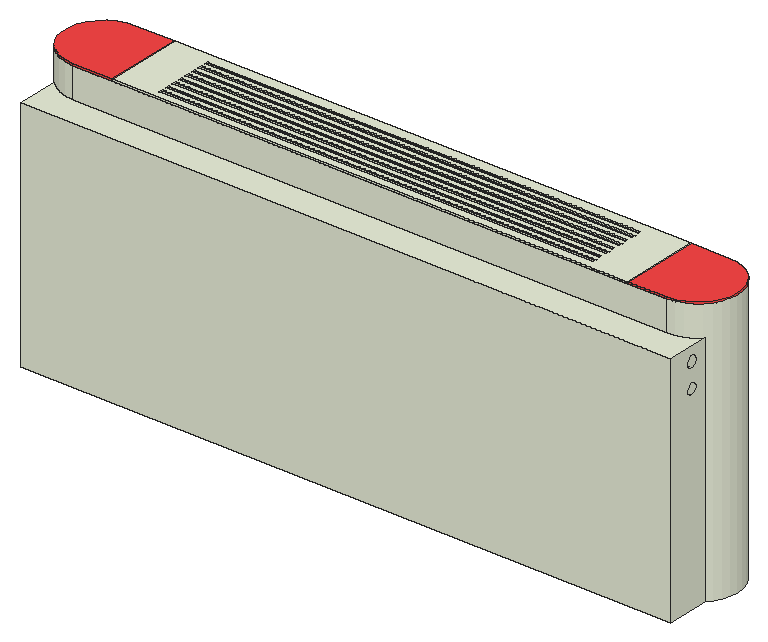
Revit family "MKH1-350(500)R3(R4)", category Mechanical Equipment, Revit 2013
Parameters (values of type "MKH1-500-R4")
  clearance access up = 1500.000 mm
  clearance access right = 150.000 mm
  clearance access left = 150.000 mm
  clearance access down = 90.000 mm
  clearance access behind = 50.000 mm
  clearance [instance] = no
  Width = 495.000 mm
  Series = "FCU"
  Rated current = 0.4 A
  Power supply = "220-240V ~50Hz/60Hz"
  Power Input(H/M/L) = "91/54/35 W"
  Panel color = "WH101"
  Net Weight = 26.30 kg
  Model = "MKH1-500-R4"
  Manufacturer = "Midea"
  Machine material = Galvanized Steel
  Liquid pipe = 19.050 mm
  Installation = "Indoor installation"
  Height = 200.000 mm
  Heating Capacity(H/M/L) = "5.70/4.36/3.22 kW"
  Drain pipe = 18.500 mm
  Description = "High efficiency water cooled"
  Depth = 1240.000 mm
  Cooling Capacity(H/M/L) = "5.35/4.25/3.31 kW"
  Condensation = "water"
  Circuit breaker = 15 A
  Air Flow(H/M/L) = "800/574/404 m3/h"
Types (5, lengths in mm): name | Rated current | Power Input(H/M/L) | Net Weight | Model | Height | Heating Capacity(H/M/L) | Cooling Capacity(H/M/L) | Air Flow(H/M/L)
  (no name) | 0.4 A | "91/54/35 W" | 26.30 kg | "MKH1-500-R4" | 200.000 | "5.70/4.36/3.22 kW" | "5.35/4.25/3.31 kW" | "800/574/404 m3/h"
  MKH1-350-R3 | 0.22 A | "51/32/19 W" | 24.00 kg | "MKH1-350-R3" | 211.000 | "3.70/2.97/2.25 kW" | "3.85/3.19/2.46 kW" | "595/447/319 m3/h"
  MKH1-350-R4 | 0.22 A | "51/32/19 W" | 25.40 kg | "MKH1-350-R4" | 211.000 | "4.10/3.25/2.39 kW" | "4.20/3.38/2.48 kW" | "595/450/319 m3/h"
  MKH1-500-R3 | 0.4 A | "91/54/34 W" | 25.50 kg | "MKH1-500-R3" | 211.000 | "4.35/3.44/2.62 kW" | "4.65/3.80/2.92 kW" | "790/560/392 m3/h"
  MKH1-500-R4 | 0.4 A | "91/54/35 W" | 26.30 kg | "MKH1-500-R4" | 200.000 | "5.70/4.36/3.22 kW" | "5.35/4.25/3.31 kW" | "800/574/404 m3/h"
Reference planes
  plane 1 "Center (Front/Back)": y = 0
  plane 2: z = 0
  plane 3 "Center (Left/Right)": x = 0
  plane 4: x = -620
  plane 5: x = 620
  plane 6: z = 200
  plane 7: z = 80
  plane 8: x = 323
  plane 9: x = -323
  plane 10: y = 28
  plane 11: y = -100
  plane 12: y = 100
  plane 13: y = 150
  plane 14: y = -44
  plane 15: x = 400
  plane 16: x = -400
Forms (mm)
  Extrusion 1, solid, material "Galvanized Steel" <- "Machine material"
    sketch origin (0, -100, 247.5) x (1, 0, 0) y (0, 1, 0)
      loop
        arc (548, 56) -> (620, 128) -> (548, 200) r 72
        line (548, 200) -> (-548, 200)
        arc (-548, 200) -> (-620, 128) -> (-548, 56) r 72
        line (-548, 56) -> (548, 56)
      loop
        line (548, 195) -> (-548, 195)
        arc (-548, 195) -> (-615, 128) -> (-548, 61) r 67
        line (-548, 61) -> (548, 61)
        arc (548, 61) -> (615, 128) -> (548, 195) r 67
    from -247.5 to 244.5
  Extrusion 2, solid, material "jinshu red"
    sketch origin (-115, -100, 247.5) x (1, 0, 0) y (0, 1, 0)
      loop
        arc (663, 56) -> (735, 128) -> (663, 200) r 72
        line (663, 200) -> (591, 200) -> (591, 56) -> (663, 56)
      loop
        arc (-433, 200) -> (-505, 128) -> (-433, 56) r 72
        line (-433, 56) -> (-361, 56) -> (-361, 200) -> (-433, 200)
    from 244.5 to 247.5
  Extrusion 3, solid, material "Galvanized Steel" <- "Machine material"
    sketch origin (0, -100, 247.5) x (1, 0, 0) y (0, 1, 0)
      loop
        line (-476, 200) -> (-476, 56) -> (476, 56) -> (476, 200) -> (-476, 200)
      loop
        line (-400, 183.236) -> (-400, 175.236) -> (400, 175.236) -> (400, 183.236) -> (-400, 183.236)
      loop
        line (-400, 168.236) -> (-400, 160.236) -> (400, 160.236) -> (400, 168.236) -> (-400, 168.236)
      loop
        line (-400, 153.236) -> (-400, 145.236) -> (400, 145.236) -> (400, 153.236) -> (-400, 153.236)
      loop
        line (-400, 138.236) -> (-400, 130.236) -> (400, 130.236) -> (400, 138.236) -> (-400, 138.236)
      loop
        line (-400, 123.236) -> (-400, 115.236) -> (400, 115.236) -> (400, 123.236) -> (-400, 123.236)
      loop
        line (-400, 108.236) -> (-400, 100.236) -> (400, 100.236) -> (400, 108.236) -> (-400, 108.236)
      loop
        line (-400, 93.236) -> (-400, 85.236) -> (400, 85.236) -> (400, 93.236) -> (-400, 93.236)
      loop
        line (-400, 78.236) -> (-400, 70.236) -> (400, 70.236) -> (400, 78.236) -> (-400, 78.236)
    from 244.5 to 247.5
  Extrusion 4, solid, material "Galvanized Steel" <- "Machine material"
    sketch origin (0, -100, 247.5) x (1, 0, 0) y (0, 1, 0)
      loop
        line (-600, 0) -> (600, 0) -> (600, 78.2)
        arc (600, 78.2) -> (576.27, 61.782) -> (548, 56) r 72
        line (548, 56) -> (-548, 56)
        arc (-548, 56) -> (-576.27, 61.782) -> (-600, 78.2) r 72
        line (-600, 78.2) -> (-600, 0)
    from -247.5 to 188.575
  Extrusion 5, solid, material "Galvanized Steel" <- "Machine material"
    sketch origin (0, -100, 247.5) x (1, 0, 0) y (0, 1, 0)
      loop
        line (548, 195) -> (-548, 195)
        arc (-548, 195) -> (-615, 128) -> (-548, 61) r 67
        line (-548, 61) -> (548, 61)
        arc (548, 61) -> (615, 128) -> (548, 195) r 67
    from -247.5 to -152.5
  Extrusion 6, solid, material "Galvanized Steel" <- "Machine material"
    sketch origin (500, 500, 0) x (0, -1, 0) y (0, 0, -1)
      loop
        circle (552.877, -410.569) r 9.525
    from -24 to 100
  Extrusion 7, solid, material "Galvanized Steel" <- "Machine material"
    sketch origin (500, 500, -45) x (0, -1, 0) y (0, 0, -1)
      loop
        circle (552.877, -410.569) r 9
    from -24 to 100
  Extrusion 8, void
    sketch origin (-323, 100, 247.5) x (-1, 0, 0) y (0, 0, -1)
      loop
        line (-678.298, -13.711) -> (-628.298, -13.711)
        arc (-628.298, -13.711) -> (-625.798, -11.211) -> (-628.298, -8.711) r 2.5
        line (-628.298, -8.711) -> (-678.298, -8.711)
        arc (-678.298, -8.711) -> (-680.798, -11.211) -> (-678.298, -13.711) r 2.5
      loop
        line (-618.298, -13.711) -> (-568.298, -13.711)
        arc (-568.298, -13.711) -> (-565.798, -11.211) -> (-568.298, -8.711) r 2.5
        line (-568.298, -8.711) -> (-618.298, -8.711)
        arc (-618.298, -8.711) -> (-620.798, -11.211) -> (-618.298, -13.711) r 2.5
      loop
        line (-558.298, -13.711) -> (-508.298, -13.711)
        arc (-508.298, -13.711) -> (-505.798, -11.211) -> (-508.298, -8.711) r 2.5
        line (-508.298, -8.711) -> (-558.298, -8.711)
        arc (-558.298, -8.711) -> (-560.798, -11.211) -> (-558.298, -13.711) r 2.5
      loop
        line (-498.298, -13.711) -> (-448.298, -13.711)
        arc (-448.298, -13.711) -> (-445.798, -11.211) -> (-448.298, -8.711) r 2.5
        line (-448.298, -8.711) -> (-498.298, -8.711)
        arc (-498.298, -8.711) -> (-500.798, -11.211) -> (-498.298, -13.711) r 2.5
      loop
        line (-438.298, -13.711) -> (-388.298, -13.711)
        arc (-388.298, -13.711) -> (-385.798, -11.211) -> (-388.298, -8.711) r 2.5
        line (-388.298, -8.711) -> (-438.298, -8.711)
        arc (-438.298, -8.711) -> (-440.798, -11.211) -> (-438.298, -13.711) r 2.5
      loop
        line (-378.298, -13.711) -> (-328.298, -13.711)
        arc (-328.298, -13.711) -> (-325.798, -11.211) -> (-328.298, -8.711) r 2.5
        line (-328.298, -8.711) -> (-378.298, -8.711)
        arc (-378.298, -8.711) -> (-380.798, -11.211) -> (-378.298, -13.711) r 2.5
      loop
        line (-318.298, -13.711) -> (-268.298, -13.711)
        arc (-268.298, -13.711) -> (-265.798, -11.211) -> (-268.298, -8.711) r 2.5
        line (-268.298, -8.711) -> (-318.298, -8.711)
        arc (-318.298, -8.711) -> (-320.798, -11.211) -> (-318.298, -13.711) r 2.5
      loop
        line (-258.298, -13.711) -> (-208.298, -13.711)
        arc (-208.298, -13.711) -> (-205.798, -11.211) -> (-208.298, -8.711) r 2.5
        line (-208.298, -8.711) -> (-258.298, -8.711)
        arc (-258.298, -8.711) -> (-260.798, -11.211) -> (-258.298, -13.711) r 2.5
      loop
        line (-198.298, -13.711) -> (-148.298, -13.711)
        arc (-148.298, -13.711) -> (-145.798, -11.211) -> (-148.298, -8.711) r 2.5
        line (-148.298, -8.711) -> (-198.298, -8.711)
        arc (-198.298, -8.711) -> (-200.798, -11.211) -> (-198.298, -13.711) r 2.5
      loop
        line (-138.298, -13.711) -> (-88.298, -13.711)
        arc (-88.298, -13.711) -> (-85.798, -11.211) -> (-88.298, -8.711) r 2.5
        line (-88.298, -8.711) -> (-138.298, -8.711)
        arc (-138.298, -8.711) -> (-140.798, -11.211) -> (-138.298, -13.711) r 2.5
      loop
        line (-78.298, -13.711) -> (-28.298, -13.711)
        arc (-28.298, -13.711) -> (-25.798, -11.211) -> (-28.298, -8.711) r 2.5
        line (-28.298, -8.711) -> (-78.298, -8.711)
        arc (-78.298, -8.711) -> (-80.798, -11.211) -> (-78.298, -13.711) r 2.5
      loop
        line (-18.298, -13.711) -> (31.702, -13.711)
        arc (31.702, -13.711) -> (34.202, -11.211) -> (31.702, -8.711) r 2.5
        line (31.702, -8.711) -> (-18.298, -8.711)
        arc (-18.298, -8.711) -> (-20.798, -11.211) -> (-18.298, -13.711) r 2.5
      loop
        line (-678.298, -3.711) -> (-628.298, -3.711)
        arc (-628.298, -3.711) -> (-625.798, -1.211) -> (-628.298, 1.289) r 2.5
        line (-628.298, 1.289) -> (-678.298, 1.289)
        arc (-678.298, 1.289) -> (-680.798, -1.211) -> (-678.298, -3.711) r 2.5
      loop
        line (-618.298, -3.711) -> (-568.298, -3.711)
        arc (-568.298, -3.711) -> (-565.798, -1.211) -> (-568.298, 1.289) r 2.5
        line (-568.298, 1.289) -> (-618.298, 1.289)
        arc (-618.298, 1.289) -> (-620.798, -1.211) -> (-618.298, -3.711) r 2.5
      loop
        line (-558.298, -3.711) -> (-508.298, -3.711)
        arc (-508.298, -3.711) -> (-505.798, -1.211) -> (-508.298, 1.289) r 2.5
        line (-508.298, 1.289) -> (-558.298, 1.289)
        arc (-558.298, 1.289) -> (-560.798, -1.211) -> (-558.298, -3.711) r 2.5
      loop
        line (-498.298, -3.711) -> (-448.298, -3.711)
        arc (-448.298, -3.711) -> (-445.798, -1.211) -> (-448.298, 1.289) r 2.5
        line (-448.298, 1.289) -> (-498.298, 1.289)
        arc (-498.298, 1.289) -> (-500.798, -1.211) -> (-498.298, -3.711) r 2.5
      loop
        line (-438.298, -3.711) -> (-388.298, -3.711)
        arc (-388.298, -3.711) -> (-385.798, -1.211) -> (-388.298, 1.289) r 2.5
        line (-388.298, 1.289) -> (-438.298, 1.289)
        arc (-438.298, 1.289) -> (-440.798, -1.211) -> (-438.298, -3.711) r 2.5
      loop
        line (-378.298, -3.711) -> (-328.298, -3.711)
        arc (-328.298, -3.711) -> (-325.798, -1.211) -> (-328.298, 1.289) r 2.5
        line (-328.298, 1.289) -> (-378.298, 1.289)
        arc (-378.298, 1.289) -> (-380.798, -1.211) -> (-378.298, -3.711) r 2.5
      loop
        line (-318.298, -3.711) -> (-268.298, -3.711)
        arc (-268.298, -3.711) -> (-265.798, -1.211) -> (-268.298, 1.289) r 2.5
        line (-268.298, 1.289) -> (-318.298, 1.289)
        arc (-318.298, 1.289) -> (-320.798, -1.211) -> (-318.298, -3.711) r 2.5
      loop
        line (-258.298, -3.711) -> (-208.298, -3.711)
        arc (-208.298, -3.711) -> (-205.798, -1.211) -> (-208.298, 1.289) r 2.5
        line (-208.298, 1.289) -> (-258.298, 1.289)
        arc (-258.298, 1.289) -> (-260.798, -1.211) -> (-258.298, -3.711) r 2.5
      loop
        line (-198.298, -3.711) -> (-148.298, -3.711)
        arc (-148.298, -3.711) -> (-145.798, -1.211) -> (-148.298, 1.289) r 2.5
        line (-148.298, 1.289) -> (-198.298, 1.289)
        arc (-198.298, 1.289) -> (-200.798, -1.211) -> (-198.298, -3.711) r 2.5
      loop
        line (-138.298, -3.711) -> (-88.298, -3.711)
        arc (-88.298, -3.711) -> (-85.798, -1.211) -> (-88.298, 1.289) r 2.5
        line (-88.298, 1.289) -> (-138.298, 1.289)
        arc (-138.298, 1.289) -> (-140.798, -1.211) -> (-138.298, -3.711) r 2.5
      loop
        line (-78.298, -3.711) -> (-28.298, -3.711)
        arc (-28.298, -3.711) -> (-25.798, -1.211) -> (-28.298, 1.289) r 2.5
        line (-28.298, 1.289) -> (-78.298, 1.289)
        arc (-78.298, 1.289) -> (-80.798, -1.211) -> (-78.298, -3.711) r 2.5
      loop
        line (-18.298, -3.711) -> (31.702, -3.711)
        arc (31.702, -3.711) -> (34.202, -1.211) -> (31.702, 1.289) r 2.5
        line (31.702, 1.289) -> (-18.298, 1.289)
        arc (-18.298, 1.289) -> (-20.798, -1.211) -> (-18.298, -3.711) r 2.5
      loop
        line (-678.298, 6.289) -> (-628.298, 6.289)
        arc (-628.298, 6.289) -> (-625.798, 8.789) -> (-628.298, 11.289) r 2.5
        line (-628.298, 11.289) -> (-678.298, 11.289)
        arc (-678.298, 11.289) -> (-680.798, 8.789) -> (-678.298, 6.289) r 2.5
      loop
        line (-618.298, 6.289) -> (-568.298, 6.289)
        arc (-568.298, 6.289) -> (-565.798, 8.789) -> (-568.298, 11.289) r 2.5
        line (-568.298, 11.289) -> (-618.298, 11.289)
        arc (-618.298, 11.289) -> (-620.798, 8.789) -> (-618.298, 6.289) r 2.5
      loop
        line (-558.298, 6.289) -> (-508.298, 6.289)
        arc (-508.298, 6.289) -> (-505.798, 8.789) -> (-508.298, 11.289) r 2.5
        line (-508.298, 11.289) -> (-558.298, 11.289)
        arc (-558.298, 11.289) -> (-560.798, 8.789) -> (-558.298, 6.289) r 2.5
      loop
        line (-498.298, 6.289) -> (-448.298, 6.289)
        arc (-448.298, 6.289) -> (-445.798, 8.789) -> (-448.298, 11.289) r 2.5
        line (-448.298, 11.289) -> (-498.298, 11.289)
        arc (-498.298, 11.289) -> (-500.798, 8.789) -> (-498.298, 6.289) r 2.5
      loop
        line (-438.298, 6.289) -> (-388.298, 6.289)
        arc (-388.298, 6.289) -> (-385.798, 8.789) -> (-388.298, 11.289) r 2.5
        line (-388.298, 11.289) -> (-438.298, 11.289)
        arc (-438.298, 11.289) -> (-440.798, 8.789) -> (-438.298, 6.289) r 2.5
      loop
        line (-378.298, 6.289) -> (-328.298, 6.289)
        arc (-328.298, 6.289) -> (-325.798, 8.789) -> (-328.298, 11.289) r 2.5
        line (-328.298, 11.289) -> (-378.298, 11.289)
        arc (-378.298, 11.289) -> (-380.798, 8.789) -> (-378.298, 6.289) r 2.5
      loop
        line (-318.298, 6.289) -> (-268.298, 6.289)
        arc (-268.298, 6.289) -> (-265.798, 8.789) -> (-268.298, 11.289) r 2.5
        line (-268.298, 11.289) -> (-318.298, 11.289)
        arc (-318.298, 11.289) -> (-320.798, 8.789) -> (-318.298, 6.289) r 2.5
      loop
        line (-258.298, 6.289) -> (-208.298, 6.289)
        arc (-208.298, 6.289) -> (-205.798, 8.789) -> (-208.298, 11.289) r 2.5
        line (-208.298, 11.289) -> (-258.298, 11.289)
        arc (-258.298, 11.289) -> (-260.798, 8.789) -> (-258.298, 6.289) r 2.5
      loop
        line (-198.298, 6.289) -> (-148.298, 6.289)
        arc (-148.298, 6.289) -> (-145.798, 8.789) -> (-148.298, 11.289) r 2.5
        line (-148.298, 11.289) -> (-198.298, 11.289)
        arc (-198.298, 11.289) -> (-200.798, 8.789) -> (-198.298, 6.289) r 2.5
      loop
        line (-138.298, 6.289) -> (-88.298, 6.289)
        arc (-88.298, 6.289) -> (-85.798, 8.789) -> (-88.298, 11.289) r 2.5
        line (-88.298, 11.289) -> (-138.298, 11.289)
        arc (-138.298, 11.289) -> (-140.798, 8.789) -> (-138.298, 6.289) r 2.5
      loop
        line (-78.298, 6.289) -> (-28.298, 6.289)
        arc (-28.298, 6.289) -> (-25.798, 8.789) -> (-28.298, 11.289) r 2.5
        line (-28.298, 11.289) -> (-78.298, 11.289)
        arc (-78.298, 11.289) -> (-80.798, 8.789) -> (-78.298, 6.289) r 2.5
      loop
        line (-18.298, 6.289) -> (31.702, 6.289)
        arc (31.702, 6.289) -> (34.202, 8.789) -> (31.702, 11.289) r 2.5
        line (31.702, 11.289) -> (-18.298, 11.289)
        arc (-18.298, 11.289) -> (-20.798, 8.789) -> (-18.298, 6.289) r 2.5
      loop
        line (-678.298, 16.289) -> (-628.298, 16.289)
        arc (-628.298, 16.289) -> (-625.798, 18.789) -> (-628.298, 21.289) r 2.5
        line (-628.298, 21.289) -> (-678.298, 21.289)
        arc (-678.298, 21.289) -> (-680.798, 18.789) -> (-678.298, 16.289) r 2.5
      loop
        line (-618.298, 16.289) -> (-568.298, 16.289)
        arc (-568.298, 16.289) -> (-565.798, 18.789) -> (-568.298, 21.289) r 2.5
        line (-568.298, 21.289) -> (-618.298, 21.289)
        arc (-618.298, 21.289) -> (-620.798, 18.789) -> (-618.298, 16.289) r 2.5
      loop
        line (-558.298, 16.289) -> (-508.298, 16.289)
        arc (-508.298, 16.289) -> (-505.798, 18.789) -> (-508.298, 21.289) r 2.5
        line (-508.298, 21.289) -> (-558.298, 21.289)
        arc (-558.298, 21.289) -> (-560.798, 18.789) -> (-558.298, 16.289) r 2.5
      loop
        line (-498.298, 16.289) -> (-448.298, 16.289)
        arc (-448.298, 16.289) -> (-445.798, 18.789) -> (-448.298, 21.289) r 2.5
        line (-448.298, 21.289) -> (-498.298, 21.289)
        arc (-498.298, 21.289) -> (-500.798, 18.789) -> (-498.298, 16.289) r 2.5
      loop
        line (-438.298, 16.289) -> (-388.298, 16.289)
        arc (-388.298, 16.289) -> (-385.798, 18.789) -> (-388.298, 21.289) r 2.5
        line (-388.298, 21.289) -> (-438.298, 21.289)
        arc (-438.298, 21.289) -> (-440.798, 18.789) -> (-438.298, 16.289) r 2.5
      loop
        line (-378.298, 16.289) -> (-328.298, 16.289)
        arc (-328.298, 16.289) -> (-325.798, 18.789) -> (-328.298, 21.289) r 2.5
        line (-328.298, 21.289) -> (-378.298, 21.289)
        arc (-378.298, 21.289) -> (-380.798, 18.789) -> (-378.298, 16.289) r 2.5
      loop
        line (-318.298, 16.289) -> (-268.298, 16.289)
        arc (-268.298, 16.289) -> (-265.798, 18.789) -> (-268.298, 21.289) r 2.5
        line (-268.298, 21.289) -> (-318.298, 21.289)
        arc (-318.298, 21.289) -> (-320.798, 18.789) -> (-318.298, 16.289) r 2.5
      loop
        line (-258.298, 16.289) -> (-208.298, 16.289)
        arc (-208.298, 16.289) -> (-205.798, 18.789) -> (-208.298, 21.289) r 2.5
        line (-208.298, 21.289) -> (-258.298, 21.289)
        arc (-258.298, 21.289) -> (-260.798, 18.789) -> (-258.298, 16.289) r 2.5
      loop
        line (-198.298, 16.289) -> (-148.298, 16.289)
        arc (-148.298, 16.289) -> (-145.798, 18.789) -> (-148.298, 21.289) r 2.5
        line (-148.298, 21.289) -> (-198.298, 21.289)
        arc (-198.298, 21.289) -> (-200.798, 18.789) -> (-198.298, 16.289) r 2.5
      loop
        line (-138.298, 16.289) -> (-88.298, 16.289)
        arc (-88.298, 16.289) -> (-85.798, 18.789) -> (-88.298, 21.289) r 2.5
        line (-88.298, 21.289) -> (-138.298, 21.289)
        arc (-138.298, 21.289) -> (-140.798, 18.789) -> (-138.298, 16.289) r 2.5
      loop
        line (-78.298, 16.289) -> (-28.298, 16.289)
        arc (-28.298, 16.289) -> (-25.798, 18.789) -> (-28.298, 21.289) r 2.5
        line (-28.298, 21.289) -> (-78.298, 21.289)
        arc (-78.298, 21.289) -> (-80.798, 18.789) -> (-78.298, 16.289) r 2.5
      loop
        line (-18.298, 16.289) -> (31.702, 16.289)
        arc (31.702, 16.289) -> (34.202, 18.789) -> (31.702, 21.289) r 2.5
        line (31.702, 21.289) -> (-18.298, 21.289)
        arc (-18.298, 21.289) -> (-20.798, 18.789) -> (-18.298, 16.289) r 2.5
      loop
        line (-678.298, 26.289) -> (-628.298, 26.289)
        arc (-628.298, 26.289) -> (-625.798, 28.789) -> (-628.298, 31.289) r 2.5
        line (-628.298, 31.289) -> (-678.298, 31.289)
        arc (-678.298, 31.289) -> (-680.798, 28.789) -> (-678.298, 26.289) r 2.5
      loop
        line (-618.298, 26.289) -> (-568.298, 26.289)
        arc (-568.298, 26.289) -> (-565.798, 28.789) -> (-568.298, 31.289) r 2.5
        line (-568.298, 31.289) -> (-618.298, 31.289)
        arc (-618.298, 31.289) -> (-620.798, 28.789) -> (-618.298, 26.289) r 2.5
      loop
        line (-558.298, 26.289) -> (-508.298, 26.289)
        arc (-508.298, 26.289) -> (-505.798, 28.789) -> (-508.298, 31.289) r 2.5
        line (-508.298, 31.289) -> (-558.298, 31.289)
        arc (-558.298, 31.289) -> (-560.798, 28.789) -> (-558.298, 26.289) r 2.5
      loop
        line (-498.298, 26.289) -> (-448.298, 26.289)
        arc (-448.298, 26.289) -> (-445.798, 28.789) -> (-448.298, 31.289) r 2.5
        line (-448.298, 31.289) -> (-498.298, 31.289)
        arc (-498.298, 31.289) -> (-500.798, 28.789) -> (-498.298, 26.289) r 2.5
      loop
        line (-438.298, 26.289) -> (-388.298, 26.289)
        arc (-388.298, 26.289) -> (-385.798, 28.789) -> (-388.298, 31.289) r 2.5
        line (-388.298, 31.289) -> (-438.298, 31.289)
        arc (-438.298, 31.289) -> (-440.798, 28.789) -> (-438.298, 26.289) r 2.5
      loop
        line (-378.298, 26.289) -> (-328.298, 26.289)
        arc (-328.298, 26.289) -> (-325.798, 28.789) -> (-328.298, 31.289) r 2.5
        line (-328.298, 31.289) -> (-378.298, 31.289)
        arc (-378.298, 31.289) -> (-380.798, 28.789) -> (-378.298, 26.289) r 2.5
      loop
        line (-318.298, 26.289) -> (-268.298, 26.289)
        arc (-268.298, 26.289) -> (-265.798, 28.789) -> (-268.298, 31.289) r 2.5
        line (-268.298, 31.289) -> (-318.298, 31.289)
        arc (-318.298, 31.289) -> (-320.798, 28.789) -> (-318.298, 26.289) r 2.5
      loop
        line (-258.298, 26.289) -> (-208.298, 26.289)
        arc (-208.298, 26.289) -> (-205.798, 28.789) -> (-208.298, 31.289) r 2.5
        line (-208.298, 31.289) -> (-258.298, 31.289)
        arc (-258.298, 31.289) -> (-260.798, 28.789) -> (-258.298, 26.289) r 2.5
      loop
        line (-198.298, 26.289) -> (-148.298, 26.289)
        arc (-148.298, 26.289) -> (-145.798, 28.789) -> (-148.298, 31.289) r 2.5
        line (-148.298, 31.289) -> (-198.298, 31.289)
        arc (-198.298, 31.289) -> (-200.798, 28.789) -> (-198.298, 26.289) r 2.5
      loop
        line (-138.298, 26.289) -> (-88.298, 26.289)
        arc (-88.298, 26.289) -> (-85.798, 28.789) -> (-88.298, 31.289) r 2.5
        line (-88.298, 31.289) -> (-138.298, 31.289)
        arc (-138.298, 31.289) -> (-140.798, 28.789) -> (-138.298, 26.289) r 2.5
      loop
        line (-78.298, 26.289) -> (-28.298, 26.289)
        arc (-28.298, 26.289) -> (-25.798, 28.789) -> (-28.298, 31.289) r 2.5
        line (-28.298, 31.289) -> (-78.298, 31.289)
        arc (-78.298, 31.289) -> (-80.798, 28.789) -> (-78.298, 26.289) r 2.5
      loop
        line (-18.298, 26.289) -> (31.702, 26.289)
        arc (31.702, 26.289) -> (34.202, 28.789) -> (31.702, 31.289) r 2.5
        line (31.702, 31.289) -> (-18.298, 31.289)
        arc (-18.298, 31.289) -> (-20.798, 28.789) -> (-18.298, 26.289) r 2.5
      loop
        line (-678.298, 36.289) -> (-628.298, 36.289)
        arc (-628.298, 36.289) -> (-625.798, 38.789) -> (-628.298, 41.289) r 2.5
        line (-628.298, 41.289) -> (-678.298, 41.289)
        arc (-678.298, 41.289) -> (-680.798, 38.789) -> (-678.298, 36.289) r 2.5
      loop
        line (-618.298, 36.289) -> (-568.298, 36.289)
        arc (-568.298, 36.289) -> (-565.798, 38.789) -> (-568.298, 41.289) r 2.5
        line (-568.298, 41.289) -> (-618.298, 41.289)
        arc (-618.298, 41.289) -> (-620.798, 38.789) -> (-618.298, 36.289) r 2.5
      loop
        line (-558.298, 36.289) -> (-508.298, 36.289)
        arc (-508.298, 36.289) -> (-505.798, 38.789) -> (-508.298, 41.289) r 2.5
        line (-508.298, 41.289) -> (-558.298, 41.289)
        arc (-558.298, 41.289) -> (-560.798, 38.789) -> (-558.298, 36.289) r 2.5
      loop
        line (-498.298, 36.289) -> (-448.298, 36.289)
        arc (-448.298, 36.289) -> (-445.798, 38.789) -> (-448.298, 41.289) r 2.5
        line (-448.298, 41.289) -> (-498.298, 41.289)
        arc (-498.298, 41.289) -> (-500.798, 38.789) -> (-498.298, 36.289) r 2.5
      loop
        line (-438.298, 36.289) -> (-388.298, 36.289)
        arc (-388.298, 36.289) -> (-385.798, 38.789) -> (-388.298, 41.289) r 2.5
        line (-388.298, 41.289) -> (-438.298, 41.289)
        arc (-438.298, 41.289) -> (-440.798, 38.789) -> (-438.298, 36.289) r 2.5
      loop
        line (-378.298, 36.289) -> (-328.298, 36.289)
        arc (-328.298, 36.289) -> (-325.798, 38.789) -> (-328.298, 41.289) r 2.5
        line (-328.298, 41.289) -> (-378.298, 41.289)
        arc (-378.298, 41.289) -> (-380.798, 38.789) -> (-378.298, 36.289) r 2.5
      loop
        line (-318.298, 36.289) -> (-268.298, 36.289)
        arc (-268.298, 36.289) -> (-265.798, 38.789) -> (-268.298, 41.289) r 2.5
        line (-268.298, 41.289) -> (-318.298, 41.289)
        arc (-318.298, 41.289) -> (-320.798, 38.789) -> (-318.298, 36.289) r 2.5
      loop
        line (-258.298, 36.289) -> (-208.298, 36.289)
        arc (-208.298, 36.289) -> (-205.798, 38.789) -> (-208.298, 41.289) r 2.5
        line (-208.298, 41.289) -> (-258.298, 41.289)
        arc (-258.298, 41.289) -> (-260.798, 38.789) -> (-258.298, 36.289) r 2.5
      loop
        line (-198.298, 36.289) -> (-148.298, 36.289)
        arc (-148.298, 36.289) -> (-145.798, 38.789) -> (-148.298, 41.289) r 2.5
        line (-148.298, 41.289) -> (-198.298, 41.289)
        arc (-198.298, 41.289) -> (-200.798, 38.789) -> (-198.298, 36.289) r 2.5
      loop
        line (-138.298, 36.289) -> (-88.298, 36.289)
        arc (-88.298, 36.289) -> (-85.798, 38.789) -> (-88.298, 41.289) r 2.5
        line (-88.298, 41.289) -> (-138.298, 41.289)
        arc (-138.298, 41.289) -> (-140.798, 38.789) -> (-138.298, 36.289) r 2.5
      loop
        line (-78.298, 36.289) -> (-28.298, 36.289)
        arc (-28.298, 36.289) -> (-25.798, 38.789) -> (-28.298, 41.289) r 2.5
        line (-28.298, 41.289) -> (-78.298, 41.289)
        arc (-78.298, 41.289) -> (-80.798, 38.789) -> (-78.298, 36.289) r 2.5
      loop
        line (-18.298, 36.289) -> (31.702, 36.289)
        arc (31.702, 36.289) -> (34.202, 38.789) -> (31.702, 41.289) r 2.5
        line (31.702, 41.289) -> (-18.298, 41.289)
        arc (-18.298, 41.289) -> (-20.798, 38.789) -> (-18.298, 36.289) r 2.5
      loop
        line (-678.298, 46.289) -> (-628.298, 46.289)
        arc (-628.298, 46.289) -> (-625.798, 48.789) -> (-628.298, 51.289) r 2.5
        line (-628.298, 51.289) -> (-678.298, 51.289)
        arc (-678.298, 51.289) -> (-680.798, 48.789) -> (-678.298, 46.289) r 2.5
      loop
        line (-618.298, 46.289) -> (-568.298, 46.289)
        arc (-568.298, 46.289) -> (-565.798, 48.789) -> (-568.298, 51.289) r 2.5
        line (-568.298, 51.289) -> (-618.298, 51.289)
        arc (-618.298, 51.289) -> (-620.798, 48.789) -> (-618.298, 46.289) r 2.5
      loop
        line (-558.298, 46.289) -> (-508.298, 46.289)
        arc (-508.298, 46.289) -> (-505.798, 48.789) -> (-508.298, 51.289) r 2.5
        line (-508.298, 51.289) -> (-558.298, 51.289)
        arc (-558.298, 51.289) -> (-560.798, 48.789) -> (-558.298, 46.289) r 2.5
      loop
        line (-498.298, 46.289) -> (-448.298, 46.289)
        arc (-448.298, 46.289) -> (-445.798, 48.789) -> (-448.298, 51.289) r 2.5
        line (-448.298, 51.289) -> (-498.298, 51.289)
        arc (-498.298, 51.289) -> (-500.798, 48.789) -> (-498.298, 46.289) r 2.5
      loop
        line (-438.298, 46.289) -> (-388.298, 46.289)
        arc (-388.298, 46.289) -> (-385.798, 48.789) -> (-388.298, 51.289) r 2.5
        line (-388.298, 51.289) -> (-438.298, 51.289)
        arc (-438.298, 51.289) -> (-440.798, 48.789) -> (-438.298, 46.289) r 2.5
      loop
        line (-378.298, 46.289) -> (-328.298, 46.289)
        arc (-328.298, 46.289) -> (-325.798, 48.789) -> (-328.298, 51.289) r 2.5
        line (-328.298, 51.289) -> (-378.298, 51.289)
        arc (-378.298, 51.289) -> (-380.798, 48.789) -> (-378.298, 46.289) r 2.5
      loop
        line (-318.298, 46.289) -> (-268.298, 46.289)
        arc (-268.298, 46.289) -> (-265.798, 48.789) -> (-268.298, 51.289) r 2.5
        line (-268.298, 51.289) -> (-318.298, 51.289)
        arc (-318.298, 51.289) -> (-320.798, 48.789) -> (-318.298, 46.289) r 2.5
      loop
        line (-258.298, 46.289) -> (-208.298, 46.289)
        arc (-208.298, 46.289) -> (-205.798, 48.789) -> (-208.298, 51.289) r 2.5
        line (-208.298, 51.289) -> (-258.298, 51.289)
        arc (-258.298, 51.289) -> (-260.798, 48.789) -> (-258.298, 46.289) r 2.5
      loop
        line (-198.298, 46.289) -> (-148.298, 46.289)
        arc (-148.298, 46.289) -> (-145.798, 48.789) -> (-148.298, 51.289) r 2.5
        line (-148.298, 51.289) -> (-198.298, 51.289)
        arc (-198.298, 51.289) -> (-200.798, 48.789) -> (-198.298, 46.289) r 2.5
      loop
        line (-138.298, 46.289) -> (-88.298, 46.289)
        arc (-88.298, 46.289) -> (-85.798, 48.789) -> (-88.298, 51.289) r 2.5
        line (-88.298, 51.289) -> (-138.298, 51.289)
        arc (-138.298, 51.289) -> (-140.798, 48.789) -> (-138.298, 46.289) r 2.5
      loop
        line (-78.298, 46.289) -> (-28.298, 46.289)
        arc (-28.298, 46.289) -> (-25.798, 48.789) -> (-28.298, 51.289) r 2.5
        line (-28.298, 51.289) -> (-78.298, 51.289)
        arc (-78.298, 51.289) -> (-80.798, 48.789) -> (-78.298, 46.289) r 2.5
      loop
        line (-18.298, 46.289) -> (31.702, 46.289)
        arc (31.702, 46.289) -> (34.202, 48.789) -> (31.702, 51.289) r 2.5
        line (31.702, 51.289) -> (-18.298, 51.289)
        arc (-18.298, 51.289) -> (-20.798, 48.789) -> (-18.298, 46.289) r 2.5
      loop
        line (-678.298, 56.289) -> (-628.298, 56.289)
        arc (-628.298, 56.289) -> (-625.798, 58.789) -> (-628.298, 61.289) r 2.5
        line (-628.298, 61.289) -> (-678.298, 61.289)
        arc (-678.298, 61.289) -> (-680.798, 58.789) -> (-678.298, 56.289) r 2.5
      loop
        line (-618.298, 56.289) -> (-568.298, 56.289)
        arc (-568.298, 56.289) -> (-565.798, 58.789) -> (-568.298, 61.289) r 2.5
        line (-568.298, 61.289) -> (-618.298, 61.289)
        arc (-618.298, 61.289) -> (-620.798, 58.789) -> (-618.298, 56.289) r 2.5
      loop
        line (-558.298, 56.289) -> (-508.298, 56.289)
        arc (-508.298, 56.289) -> (-505.798, 58.789) -> (-508.298, 61.289) r 2.5
        line (-508.298, 61.289) -> (-558.298, 61.289)
        arc (-558.298, 61.289) -> (-560.798, 58.789) -> (-558.298, 56.289) r 2.5
      loop
        line (-498.298, 56.289) -> (-448.298, 56.289)
        arc (-448.298, 56.289) -> (-445.798, 58.789) -> (-448.298, 61.289) r 2.5
        line (-448.298, 61.289) -> (-498.298, 61.289)
        arc (-498.298, 61.289) -> (-500.798, 58.789) -> (-498.298, 56.289) r 2.5
      loop
        line (-438.298, 56.289) -> (-388.298, 56.289)
        arc (-388.298, 56.289) -> (-385.798, 58.789) -> (-388.298, 61.289) r 2.5
        line (-388.298, 61.289) -> (-438.298, 61.289)
        arc (-438.298, 61.289) -> (-440.798, 58.789) -> (-438.298, 56.289) r 2.5
      loop
        line (-378.298, 56.289) -> (-328.298, 56.289)
        arc (-328.298, 56.289) -> (-325.798, 58.789) -> (-328.298, 61.289) r 2.5
        line (-328.298, 61.289) -> (-378.298, 61.289)
        arc (-378.298, 61.289) -> (-380.798, 58.789) -> (-378.298, 56.289) r 2.5
      loop
        line (-318.298, 56.289) -> (-268.298, 56.289)
        arc (-268.298, 56.289) -> (-265.798, 58.789) -> (-268.298, 61.289) r 2.5
        line (-268.298, 61.289) -> (-318.298, 61.289)
        arc (-318.298, 61.289) -> (-320.798, 58.789) -> (-318.298, 56.289) r 2.5
      loop
        line (-258.298, 56.289) -> (-208.298, 56.289)
        arc (-208.298, 56.289) -> (-205.798, 58.789) -> (-208.298, 61.289) r 2.5
        line (-208.298, 61.289) -> (-258.298, 61.289)
        arc (-258.298, 61.289) -> (-260.798, 58.789) -> (-258.298, 56.289) r 2.5
      loop
        line (-198.298, 56.289) -> (-148.298, 56.289)
        arc (-148.298, 56.289) -> (-145.798, 58.789) -> (-148.298, 61.289) r 2.5
        line (-148.298, 61.289) -> (-198.298, 61.289)
        arc (-198.298, 61.289) -> (-200.798, 58.789) -> (-198.298, 56.289) r 2.5
      loop
        line (-138.298, 56.289) -> (-88.298, 56.289)
        arc (-88.298, 56.289) -> (-85.798, 58.789) -> (-88.298, 61.289) r 2.5
        line (-88.298, 61.289) -> (-138.298, 61.289)
        arc (-138.298, 61.289) -> (-140.798, 58.789) -> (-138.298, 56.289) r 2.5
      loop
        line (-78.298, 56.289) -> (-28.298, 56.289)
        arc (-28.298, 56.289) -> (-25.798, 58.789) -> (-28.298, 61.289) r 2.5
        line (-28.298, 61.289) -> (-78.298, 61.289)
        arc (-78.298, 61.289) -> (-80.798, 58.789) -> (-78.298, 56.289) r 2.5
      loop
        line (-18.298, 56.289) -> (31.702, 56.289)
        arc (31.702, 56.289) -> (34.202, 58.789) -> (31.702, 61.289) r 2.5
        line (31.702, 61.289) -> (-18.298, 61.289)
        arc (-18.298, 61.289) -> (-20.798, 58.789) -> (-18.298, 56.289) r 2.5
      loop
        line (-678.298, 66.289) -> (-628.298, 66.289)
        arc (-628.298, 66.289) -> (-625.798, 68.789) -> (-628.298, 71.289) r 2.5
        line (-628.298, 71.289) -> (-678.298, 71.289)
        arc (-678.298, 71.289) -> (-680.798, 68.789) -> (-678.298, 66.289) r 2.5
      loop
        line (-618.298, 66.289) -> (-568.298, 66.289)
        arc (-568.298, 66.289) -> (-565.798, 68.789) -> (-568.298, 71.289) r 2.5
        line (-568.298, 71.289) -> (-618.298, 71.289)
        arc (-618.298, 71.289) -> (-620.798, 68.789) -> (-618.298, 66.289) r 2.5
      loop
        line (-558.298, 66.289) -> (-508.298, 66.289)
        arc (-508.298, 66.289) -> (-505.798, 68.789) -> (-508.298, 71.289) r 2.5
        line (-508.298, 71.289) -> (-558.298, 71.289)
        arc (-558.298, 71.289) -> (-560.798, 68.789) -> (-558.298, 66.289) r 2.5
      loop
        line (-498.298, 66.289) -> (-448.298, 66.289)
        arc (-448.298, 66.289) -> (-445.798, 68.789) -> (-448.298, 71.289) r 2.5
        line (-448.298, 71.289) -> (-498.298, 71.289)
        arc (-498.298, 71.289) -> (-500.798, 68.789) -> (-498.298, 66.289) r 2.5
      loop
        line (-438.298, 66.289) -> (-388.298, 66.289)
        arc (-388.298, 66.289) -> (-385.798, 68.789) -> (-388.298, 71.289) r 2.5
        line (-388.298, 71.289) -> (-438.298, 71.289)
        arc (-438.298, 71.289) -> (-440.798, 68.789) -> (-438.298, 66.289) r 2.5
      loop
        line (-378.298, 66.289) -> (-328.298, 66.289)
        arc (-328.298, 66.289) -> (-325.798, 68.789) -> (-328.298, 71.289) r 2.5
        line (-328.298, 71.289) -> (-378.298, 71.289)
        arc (-378.298, 71.289) -> (-380.798, 68.789) -> (-378.298, 66.289) r 2.5
      loop
        line (-318.298, 66.289) -> (-268.298, 66.289)
        arc (-268.298, 66.289) -> (-265.798, 68.789) -> (-268.298, 71.289) r 2.5
        line (-268.298, 71.289) -> (-318.298, 71.289)
        arc (-318.298, 71.289) -> (-320.798, 68.789) -> (-318.298, 66.289) r 2.5
      loop
        line (-258.298, 66.289) -> (-208.298, 66.289)
        arc (-208.298, 66.289) -> (-205.798, 68.789) -> (-208.298, 71.289) r 2.5
        line (-208.298, 71.289) -> (-258.298, 71.289)
        arc (-258.298, 71.289) -> (-260.798, 68.789) -> (-258.298, 66.289) r 2.5
      loop
        line (-198.298, 66.289) -> (-148.298, 66.289)
        arc (-148.298, 66.289) -> (-145.798, 68.789) -> (-148.298, 71.289) r 2.5
        line (-148.298, 71.289) -> (-198.298, 71.289)
        arc (-198.298, 71.289) -> (-200.798, 68.789) -> (-198.298, 66.289) r 2.5
      loop
        line (-138.298, 66.289) -> (-88.298, 66.289)
        arc (-88.298, 66.289) -> (-85.798, 68.789) -> (-88.298, 71.289) r 2.5
        line (-88.298, 71.289) -> (-138.298, 71.289)
        arc (-138.298, 71.289) -> (-140.798, 68.789) -> (-138.298, 66.289) r 2.5
      loop
        line (-78.298, 66.289) -> (-28.298, 66.289)
        arc (-28.298, 66.289) -> (-25.798, 68.789) -> (-28.298, 71.289) r 2.5
        line (-28.298, 71.289) -> (-78.298, 71.289)
        arc (-78.298, 71.289) -> (-80.798, 68.789) -> (-78.298, 66.289) r 2.5
      loop
        line (-18.298, 66.289) -> (31.702, 66.289)
        arc (31.702, 66.289) -> (34.202, 68.789) -> (31.702, 71.289) r 2.5
        line (31.702, 71.289) -> (-18.298, 71.289)
        arc (-18.298, 71.289) -> (-20.798, 68.789) -> (-18.298, 66.289) r 2.5
      loop
        line (-678.298, 76.289) -> (-628.298, 76.289)
        arc (-628.298, 76.289) -> (-625.798, 78.789) -> (-628.298, 81.289) r 2.5
        line (-628.298, 81.289) -> (-678.298, 81.289)
        arc (-678.298, 81.289) -> (-680.798, 78.789) -> (-678.298, 76.289) r 2.5
      loop
        line (-618.298, 76.289) -> (-568.298, 76.289)
        arc (-568.298, 76.289) -> (-565.798, 78.789) -> (-568.298, 81.289) r 2.5
        line (-568.298, 81.289) -> (-618.298, 81.289)
        arc (-618.298, 81.289) -> (-620.798, 78.789) -> (-618.298, 76.289) r 2.5
      loop
        line (-558.298, 76.289) -> (-508.298, 76.289)
        arc (-508.298, 76.289) -> (-505.798, 78.789) -> (-508.298, 81.289) r 2.5
        line (-508.298, 81.289) -> (-558.298, 81.289)
        arc (-558.298, 81.289) -> (-560.798, 78.789) -> (-558.298, 76.289) r 2.5
      loop
        line (-498.298, 76.289) -> (-448.298, 76.289)
        arc (-448.298, 76.289) -> (-445.798, 78.789) -> (-448.298, 81.289) r 2.5
        line (-448.298, 81.289) -> (-498.298, 81.289)
        arc (-498.298, 81.289) -> (-500.798, 78.789) -> (-498.298, 76.289) r 2.5
      loop
        line (-438.298, 76.289) -> (-388.298, 76.289)
        arc (-388.298, 76.289) -> (-385.798, 78.789) -> (-388.298, 81.289) r 2.5
        line (-388.298, 81.289) -> (-438.298, 81.289)
        arc (-438.298, 81.289) -> (-440.798, 78.789) -> (-438.298, 76.289) r 2.5
      loop
        line (-378.298, 76.289) -> (-328.298, 76.289)
        arc (-328.298, 76.289) -> (-325.798, 78.789) -> (-328.298, 81.289) r 2.5
        line (-328.298, 81.289) -> (-378.298, 81.289)
        arc (-378.298, 81.289) -> (-380.798, 78.789) -> (-378.298, 76.289) r 2.5
      loop
        line (-318.298, 76.289) -> (-268.298, 76.289)
        arc (-268.298, 76.289) -> (-265.798, 78.789) -> (-268.298, 81.289) r 2.5
        line (-268.298, 81.289) -> (-318.298, 81.289)
        arc (-318.298, 81.289) -> (-320.798, 78.789) -> (-318.298, 76.289) r 2.5
      loop
        line (-258.298, 76.289) -> (-208.298, 76.289)
        arc (-208.298, 76.289) -> (-205.798, 78.789) -> (-208.298, 81.289) r 2.5
        line (-208.298, 81.289) -> (-258.298, 81.289)
        arc (-258.298, 81.289) -> (-260.798, 78.789) -> (-258.298, 76.289) r 2.5
      loop
        line (-198.298, 76.289) -> (-148.298, 76.289)
        arc (-148.298, 76.289) -> (-145.798, 78.789) -> (-148.298, 81.289) r 2.5
        line (-148.298, 81.289) -> (-198.298, 81.289)
        arc (-198.298, 81.289) -> (-200.798, 78.789) -> (-198.298, 76.289) r 2.5
      loop
        line (-138.298, 76.289) -> (-88.298, 76.289)
        arc (-88.298, 76.289) -> (-85.798, 78.789) -> (-88.298, 81.289) r 2.5
        line (-88.298, 81.289) -> (-138.298, 81.289)
        arc (-138.298, 81.289) -> (-140.798, 78.789) -> (-138.298, 76.289) r 2.5
      loop
        line (-78.298, 76.289) -> (-28.298, 76.289)
        arc (-28.298, 76.289) -> (-25.798, 78.789) -> (-28.298, 81.289) r 2.5
        line (-28.298, 81.289) -> (-78.298, 81.289)
        arc (-78.298, 81.289) -> (-80.798, 78.789) -> (-78.298, 76.289) r 2.5
      loop
        line (-18.298, 76.289) -> (31.702, 76.289)
        arc (31.702, 76.289) -> (34.202, 78.789) -> (31.702, 81.289) r 2.5
        line (31.702, 81.289) -> (-18.298, 81.289)
        arc (-18.298, 81.289) -> (-20.798, 78.789) -> (-18.298, 76.289) r 2.5
      loop
        line (-678.298, 86.289) -> (-628.298, 86.289)
        arc (-628.298, 86.289) -> (-625.798, 88.789) -> (-628.298, 91.289) r 2.5
        line (-628.298, 91.289) -> (-678.298, 91.289)
        arc (-678.298, 91.289) -> (-680.798, 88.789) -> (-678.298, 86.289) r 2.5
      loop
        line (-618.298, 86.289) -> (-568.298, 86.289)
        arc (-568.298, 86.289) -> (-565.798, 88.789) -> (-568.298, 91.289) r 2.5
        line (-568.298, 91.289) -> (-618.298, 91.289)
        arc (-618.298, 91.289) -> (-620.798, 88.789) -> (-618.298, 86.289) r 2.5
      loop
        line (-558.298, 86.289) -> (-508.298, 86.289)
        arc (-508.298, 86.289) -> (-505.798, 88.789) -> (-508.298, 91.289) r 2.5
        line (-508.298, 91.289) -> (-558.298, 91.289)
        arc (-558.298, 91.289) -> (-560.798, 88.789) -> (-558.298, 86.289) r 2.5
      loop
        line (-498.298, 86.289) -> (-448.298, 86.289)
        arc (-448.298, 86.289) -> (-445.798, 88.789) -> (-448.298, 91.289) r 2.5
        line (-448.298, 91.289) -> (-498.298, 91.289)
        arc (-498.298, 91.289) -> (-500.798, 88.789) -> (-498.298, 86.289) r 2.5
      loop
        line (-438.298, 86.289) -> (-388.298, 86.289)
        arc (-388.298, 86.289) -> (-385.798, 88.789) -> (-388.298, 91.289) r 2.5
        line (-388.298, 91.289) -> (-438.298, 91.289)
        arc (-438.298, 91.289) -> (-440.798, 88.789) -> (-438.298, 86.289) r 2.5
      loop
        line (-378.298, 86.289) -> (-328.298, 86.289)
        arc (-328.298, 86.289) -> (-325.798, 88.789) -> (-328.298, 91.289) r 2.5
        line (-328.298, 91.289) -> (-378.298, 91.289)
        arc (-378.298, 91.289) -> (-380.798, 88.789) -> (-378.298, 86.289) r 2.5
      loop
        line (-318.298, 86.289) -> (-268.298, 86.289)
        arc (-268.298, 86.289) -> (-265.798, 88.789) -> (-268.298, 91.289) r 2.5
        line (-268.298, 91.289) -> (-318.298, 91.289)
        arc (-318.298, 91.289) -> (-320.798, 88.789) -> (-318.298, 86.289) r 2.5
      loop
        line (-258.298, 86.289) -> (-208.298, 86.289)
        arc (-208.298, 86.289) -> (-205.798, 88.789) -> (-208.298, 91.289) r 2.5
        line (-208.298, 91.289) -> (-258.298, 91.289)
        arc (-258.298, 91.289) -> (-260.798, 88.789) -> (-258.298, 86.289) r 2.5
      loop
        line (-198.298, 86.289) -> (-148.298, 86.289)
        arc (-148.298, 86.289) -> (-145.798, 88.789) -> (-148.298, 91.289) r 2.5
        line (-148.298, 91.289) -> (-198.298, 91.289)
        arc (-198.298, 91.289) -> (-200.798, 88.789) -> (-198.298, 86.289) r 2.5
      loop
        line (-138.298, 86.289) -> (-88.298, 86.289)
        arc (-88.298, 86.289) -> (-85.798, 88.789) -> (-88.298, 91.289) r 2.5
        line (-88.298, 91.289) -> (-138.298, 91.289)
        arc (-138.298, 91.289) -> (-140.798, 88.789) -> (-138.298, 86.289) r 2.5
      loop
        line (-78.298, 86.289) -> (-28.298, 86.289)
        arc (-28.298, 86.289) -> (-25.798, 88.789) -> (-28.298, 91.289) r 2.5
        line (-28.298, 91.289) -> (-78.298, 91.289)
        arc (-78.298, 91.289) -> (-80.798, 88.789) -> (-78.298, 86.289) r 2.5
      loop
        line (-18.298, 86.289) -> (31.702, 86.289)
        arc (31.702, 86.289) -> (34.202, 88.789) -> (31.702, 91.289) r 2.5
        line (31.702, 91.289) -> (-18.298, 91.289)
        arc (-18.298, 91.289) -> (-20.798, 88.789) -> (-18.298, 86.289) r 2.5
      loop
        line (-678.298, 96.289) -> (-628.298, 96.289)
        arc (-628.298, 96.289) -> (-625.798, 98.789) -> (-628.298, 101.289) r 2.5
        line (-628.298, 101.289) -> (-678.298, 101.289)
        arc (-678.298, 101.289) -> (-680.798, 98.789) -> (-678.298, 96.289) r 2.5
      loop
        line (-618.298, 96.289) -> (-568.298, 96.289)
        arc (-568.298, 96.289) -> (-565.798, 98.789) -> (-568.298, 101.289) r 2.5
        line (-568.298, 101.289) -> (-618.298, 101.289)
        arc (-618.298, 101.289) -> (-620.798, 98.789) -> (-618.298, 96.289) r 2.5
      loop
        line (-558.298, 96.289) -> (-508.298, 96.289)
        arc (-508.298, 96.289) -> (-505.798, 98.789) -> (-508.298, 101.289) r 2.5
        line (-508.298, 101.289) -> (-558.298, 101.289)
        arc (-558.298, 101.289) -> (-560.798, 98.789) -> (-558.298, 96.289) r 2.5
      loop
        line (-498.298, 96.289) -> (-448.298, 96.289)
        arc (-448.298, 96.289) -> (-445.798, 98.789) -> (-448.298, 101.289) r 2.5
        line (-448.298, 101.289) -> (-498.298, 101.289)
        arc (-498.298, 101.289) -> (-500.798, 98.789) -> (-498.298, 96.289) r 2.5
      loop
        line (-438.298, 96.289) -> (-388.298, 96.289)
        arc (-388.298, 96.289) -> (-385.798, 98.789) -> (-388.298, 101.289) r 2.5
        line (-388.298, 101.289) -> (-438.298, 101.289)
        arc (-438.298, 101.289) -> (-440.798, 98.789) -> (-438.298, 96.289) r 2.5
      loop
        line (-378.298, 96.289) -> (-328.298, 96.289)
        arc (-328.298, 96.289) -> (-325.798, 98.789) -> (-328.298, 101.289) r 2.5
        line (-328.298, 101.289) -> (-378.298, 101.289)
        arc (-378.298, 101.289) -> (-380.798, 98.789) -> (-378.298, 96.289) r 2.5
      loop
        line (-318.298, 96.289) -> (-268.298, 96.289)
        arc (-268.298, 96.289) -> (-265.798, 98.789) -> (-268.298, 101.289) r 2.5
        line (-268.298, 101.289) -> (-318.298, 101.289)
        arc (-318.298, 101.289) -> (-320.798, 98.789) -> (-318.298, 96.289) r 2.5
      loop
        line (-258.298, 96.289) -> (-208.298, 96.289)
        arc (-208.298, 96.289) -> (-205.798, 98.789) -> (-208.298, 101.289) r 2.5
        line (-208.298, 101.289) -> (-258.298, 101.289)
        arc (-258.298, 101.289) -> (-260.798, 98.789) -> (-258.298, 96.289) r 2.5
      loop
        line (-198.298, 96.289) -> (-148.298, 96.289)
        arc (-148.298, 96.289) -> (-145.798, 98.789) -> (-148.298, 101.289) r 2.5
        line (-148.298, 101.289) -> (-198.298, 101.289)
        arc (-198.298, 101.289) -> (-200.798, 98.789) -> (-198.298, 96.289) r 2.5
      loop
        line (-138.298, 96.289) -> (-88.298, 96.289)
        arc (-88.298, 96.289) -> (-85.798, 98.789) -> (-88.298, 101.289) r 2.5
        line (-88.298, 101.289) -> (-138.298, 101.289)
        arc (-138.298, 101.289) -> (-140.798, 98.789) -> (-138.298, 96.289) r 2.5
      loop
        line (-78.298, 96.289) -> (-28.298, 96.289)
        arc (-28.298, 96.289) -> (-25.798, 98.789) -> (-28.298, 101.289) r 2.5
        line (-28.298, 101.289) -> (-78.298, 101.289)
        arc (-78.298, 101.289) -> (-80.798, 98.789) -> (-78.298, 96.289) r 2.5
      loop
        line (-18.298, 96.289) -> (31.702, 96.289)
        arc (31.702, 96.289) -> (34.202, 98.789) -> (31.702, 101.289) r 2.5
        line (31.702, 101.289) -> (-18.298, 101.289)
        arc (-18.298, 101.289) -> (-20.798, 98.789) -> (-18.298, 96.289) r 2.5
    from 0 to 4.932
Cuts and joins
  Extrusion 8 cuts Extrusion 1
  Extrusion 8 cuts Extrusion 4
Dimensions and locks
  aligned and locked: level to plane 2
Nested families
  nested 1: "Midea service space" at (-620, 100, 0), visible <- "clearance", type "Midea Service  Space"
    with Width 1240.000 mm, Height 500.000 mm, Depth 50.000 mm
  nested 2: "Midea service space" at (620, -100, 0), visible <- "clearance", type "Midea Service  Space"
    with Width 150.000 mm, Height 500.000 mm, Depth 200.000 mm
  nested 3: "Midea service space" at (-770, -100, 0), visible <- "clearance", type "Midea Service  Space"
    with Width 150.000 mm, Height 500.000 mm, Depth 200.000 mm
  nested 4: "Midea service space" at (-620, -100, 495), visible <- "clearance", type "Midea Service  Space"
    with Width 1240.000 mm, Height 1500.000 mm, Depth 200.000 mm
  nested 5: "Midea service space" at (-620, -100, -90), visible <- "clearance", type "Midea Service  Space"
    with Width 1240.000 mm, Height 90.000 mm, Depth 200.000 mm
Connectors
  electrical at (-600, -60.9, 218.038)
    settings: on Extrusion 4, index 1, voltage 220 V, apparent load 0 VA, apparent load phase1 0 VA, apparent load phase2 0 VA, apparent load phase3 0 VA, power factor 1, load classification "Other", number of poles 1, system type 30, power factor state 1, is connector primary yes, connector utility no, sub classification motor no, connector description ""
  piping at (600, -52.877, 410.569)
    settings: on Extrusion 6, index 2, connector radius 3/8", flow factor 0, pipe flow 0 GPM, pressure drop 0.00 psi, fitting loss kfactor 0, connector angle 0.00°, fixture units 0, engagement length 0.000 mm, flow configuration 0, flow direction 0, fitting loss method 0, system type 19, joint type 0, gender type 0, connector reference index -1, connector utility 0, adjustable connector no, is connector primary yes, fitting loss table "", connector description "Liquid pipe"
  piping at (600, -52.877, 365.569)
    settings: on Extrusion 7, index 3, connector radius 0.35433", flow factor 0, pipe flow 0 GPM, pressure drop 0.00 psi, fitting loss kfactor 0, connector angle 0.00°, fixture units 0, engagement length 0.000 mm, flow configuration 0, flow direction 0, fitting loss method 0, system type 19, joint type 0, gender type 0, connector reference index -1, connector utility 0, adjustable connector no, is connector primary no, fitting loss table "", connector description "Drain pipe"
Definition of nested family "Midea service space"
  Parameters (values of type "Midea Service  Space")
    Width [instance] = 500.000 mm
    Height [instance] = 500.000 mm
    Depth [instance] = 500.000 mm
  Reference planes
    plane 1 "Center (Front/Back)": y = 0
    plane 2: z = 0
    plane 3 "Center (Left/Right)": x = 0
    plane 4: z = 500
    plane 5: y = 500
    plane 6: x = 500
  Forms (mm)
    Extrusion 1, solid, material "Midea Service Space-HDY"
      sketch origin (0, 0, 0) x (1, 0, 0) y (0, 1, 0)
        loop
          line (0, 500) -> (0, 0) -> (500, 0) -> (500, 500) -> (0, 500)
      from 0 to 500
  Dimensions and locks
    "Width": plane 3 "Center (Left/Right)" to plane 6
    "Depth": plane 5 to plane 1 "Center (Front/Back)"
    "Height": level to plane 4
    aligned and locked: level to plane 2
    aligned and locked: plane 5 to Extrusion 1
    aligned and locked: Extrusion 1 to plane 6
    aligned and locked: Extrusion 1 to plane 3 "Center (Left/Right)"
    aligned and locked: plane 1 "Center (Front/Back)" to Extrusion 1
    aligned and locked: Extrusion 1 to plane 4
  Automatic sketch dimensions
    Extrusion 1 sketch curve to plane 3 "Center (Left/Right)" = 0.000 mm
    plane 1 "Center (Front/Back)" to Extrusion 1 sketch curve = 0.000 mm
    Extrusion 1 sketch curve to plane 6 = 0.000 mm
    Extrusion 1 sketch curve to plane 5 = 0.000 mm
